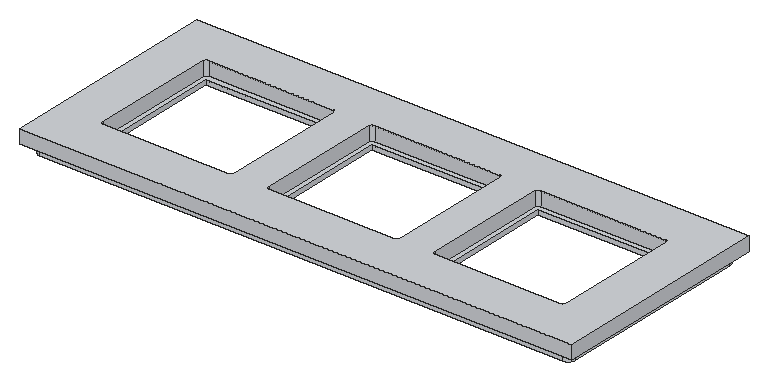
Revit family "Gira_021305", category Electrical Fixtures, host Face, Revit 2017
Family settings
  Host = Face
  Maintain Annotation Orientation = No
  Round Connector Dimension = Use Diameter
  Part Type = Normal
  Cut with Voids When Loaded = No
  Shared = No
  Room Calculation Point = No
Parameters (values of type "Cov.fr. 3-g Gira Esprit black gl.")
  With mounting grid = "No"
  With hinged lid = "No"
  URL = "http://katalog.gira.de/en/datenblatt.html?artikelnr=021305"
  Type of fastening = "Clamp mounting"
  Transparent = "No"
  Surface protection = "Other"
  Suitable for wall duct = "No"
  Suitable for flush-mounted installation = "Yes"
  Suitable for floor box = "No"
  Suitable for built-in installation = "No"
  Number of units vertical = "3"
  Number of units horizontal = "3"
  Number of units = "3"
  Name = "Cov.fr. 3-g Gira Esprit black gl."
  Mounting direction = "Horizontal and vertical"
  Material quality = "Other"
  Material = "Glass"
  Manufacturer URL = "https://www.gira.de/"
  Manufacturer = "Gira"
  Label space/information surface = "No"
  Keynote = ""
  HeinzeBIM = "https://bimportal.heinze.de/bim/cov-fr-3-g-gira-esprit-black-gl-/0a18c7dc175415eaf22d2a9ed4c75f90a8e3a518"
  Halogen free = "No"
  HAN = "021305"
  GTIN = "4010337213055"
  Description = "Cov.fr.3g Espr. GBk,Gira Esprit cover frame,black glass,3-gang,"
  Degree of protection (IP) = "IP20"
  Default Elevation = 1219.2 mm
  Data sheet (1) = "https://katalog.gira.de/en/download.html?artikelnr=021305"
  Colour = "Black"
  Category = "Cover frame for domestic switching devices"
  BIM (1) = "https://media.stage.bim.site/public/gira/36a6b08/Espr._Rahmen_3fach.rfa"
  Available = "No"
Reference planes
  plane 1 "Center (Front/Back)": y = 0
  plane 2: z = 0
  plane 3 "Center (Left/Right)": x = 0
Forms (mm)
  Extrusion 1, solid, detail levels fine
    sketch origin (0, 0, 0) x (1, 0, 0) y (0, 1, 0)
      loop
        line (-118.4, 47.5) -> (-118.4, -47.5) -> (118.4, -47.5) -> (118.4, 47.5) -> (-118.4, 47.5)
      loop
        arc (-99.5, -26.7) -> (-99.061, -27.761) -> (-98, -28.2) r 1.5
        line (-98, -28.2) -> (-44.6, -28.2)
        arc (-44.6, -28.2) -> (-43.539, -27.761) -> (-43.1, -26.7) r 1.5
        line (-43.1, -26.7) -> (-43.1, 26.7)
        arc (-43.1, 26.7) -> (-43.539, 27.761) -> (-44.6, 28.2) r 1.5
        line (-44.6, 28.2) -> (-98, 28.2)
        arc (-98, 28.2) -> (-99.061, 27.761) -> (-99.5, 26.7) r 1.5
        line (-99.5, 26.7) -> (-99.5, -26.7)
      loop
        arc (-28.2, -26.7) -> (-27.761, -27.761) -> (-26.7, -28.2) r 1.5
        line (-26.7, -28.2) -> (26.7, -28.2)
        arc (26.7, -28.2) -> (27.761, -27.761) -> (28.2, -26.7) r 1.5
        line (28.2, -26.7) -> (28.2, 26.7)
        arc (28.2, 26.7) -> (27.761, 27.761) -> (26.7, 28.2) r 1.5
        line (26.7, 28.2) -> (-26.7, 28.2)
        arc (-26.7, 28.2) -> (-27.761, 27.761) -> (-28.2, 26.7) r 1.5
        line (-28.2, 26.7) -> (-28.2, -26.7)
      loop
        arc (43.1, -26.7) -> (43.539, -27.761) -> (44.6, -28.2) r 1.5
        line (44.6, -28.2) -> (98, -28.2)
        arc (98, -28.2) -> (99.061, -27.761) -> (99.5, -26.7) r 1.5
        line (99.5, -26.7) -> (99.5, 26.7)
        arc (99.5, 26.7) -> (99.061, 27.761) -> (98, 28.2) r 1.5
        line (98, 28.2) -> (44.6, 28.2)
        arc (44.6, 28.2) -> (43.539, 27.761) -> (43.1, 26.7) r 1.5
        line (43.1, 26.7) -> (43.1, -26.7)
    from 0 to 6
  Extrusion 2, solid, detail levels fine
    sketch origin (0, 0, 0) x (1, 0, 0) y (0, 1, 0)
      loop
        line (-97.2, -25.7) -> (-45.4, -25.7) -> (-45.4, 25.7) -> (-97.2, 25.7) -> (-97.2, -25.7)
      loop
        line (97.2, 25.7) -> (45.4, 25.7) -> (45.4, -25.7) -> (97.2, -25.7) -> (97.2, 25.7)
      loop
        arc (-114.002, -41.3) -> (-113.474, -42.573) -> (-112.202, -43.1) r 1.8
        line (-112.202, -43.1) -> (112.202, -43.1)
        arc (112.202, -43.1) -> (113.474, -42.573) -> (114.002, -41.3) r 1.8
        line (114.002, -41.3) -> (114.002, 41.3)
        arc (114.002, 41.3) -> (113.474, 42.573) -> (112.202, 43.1) r 1.8
        line (112.202, 43.1) -> (-112.202, 43.1)
        arc (-112.202, 43.1) -> (-113.474, 42.573) -> (-114.002, 41.3) r 1.8
        line (-114.002, 41.3) -> (-114.002, -41.3)
      loop
        line (25.9, 25.7) -> (-25.9, 25.7) -> (-25.9, -25.7) -> (25.9, -25.7) -> (25.9, 25.7)
    from -1.9 to 0
  Extrusion 3, solid, detail levels fine
    sketch origin (0, 0, 0) x (1, 0, 0) y (0, 1, 0)
      loop
        arc (-112.3, 44.4) -> (-114.421, 43.521) -> (-115.3, 41.4) r 3
        line (-115.3, 41.4) -> (-115.3, -41.4)
        arc (-115.3, -41.4) -> (-114.421, -43.521) -> (-112.3, -44.4) r 3
        line (-112.3, -44.4) -> (112.3, -44.4)
        arc (112.3, -44.4) -> (114.421, -43.521) -> (115.3, -41.4) r 3
        line (115.3, -41.4) -> (115.3, 41.4)
        arc (115.3, 41.4) -> (114.421, 43.521) -> (112.3, 44.4) r 3
        line (112.3, 44.4) -> (-112.3, 44.4)
      loop
        arc (-114.1, -41.4) -> (-113.573, -42.673) -> (-112.3, -43.2) r 1.8
        line (-112.3, -43.2) -> (112.3, -43.2)
        arc (112.3, -43.2) -> (113.573, -42.673) -> (114.1, -41.4) r 1.8
        line (114.1, -41.4) -> (114.1, 41.4)
        arc (114.1, 41.4) -> (113.573, 42.673) -> (112.3, 43.2) r 1.8
        line (112.3, 43.2) -> (-112.3, 43.2)
        arc (-112.3, 43.2) -> (-113.573, 42.673) -> (-114.1, 41.4) r 1.8
        line (-114.1, 41.4) -> (-114.1, -41.4)
    from -3.7 to 0
  Extrusion 4, solid, detail levels medium
    sketch origin (0, 0, 0) x (1, 0, 0) y (0, 1, 0)
      loop
        line (-118.4, 47.5) -> (-118.4, -47.5) -> (118.4, -47.5) -> (118.4, 47.5) -> (-118.4, 47.5)
    from 0 to 6
  Extrusion 5, solid, detail levels medium
    sketch origin (0, 0, 0) x (1, 0, 0) y (0, 1, 0)
      loop
        line (-115.3, 44.4) -> (-115.3, -44.4) -> (115.3, -44.4) -> (115.3, 44.4) -> (-115.3, 44.4)
    from -3.7 to 0
  Extrusion 6, solid, detail levels coarse
    sketch origin (0, 0, 0) x (1, 0, 0) y (0, 1, 0)
      loop
        line (-118.4, 47.5) -> (-118.4, -47.5) -> (118.4, -47.5) -> (118.4, 47.5) -> (-118.4, 47.5)
    from -3.7 to 6
Dimensions and locks
  aligned and locked: plane 2 to host face
  aligned and locked: level to host face
